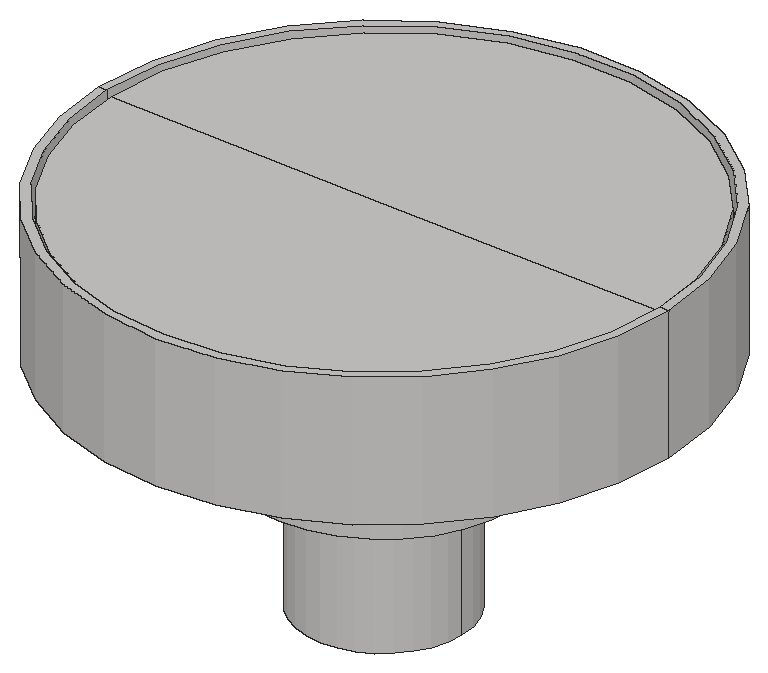
Revit family "Cleanout-Round_Industrial_Floor-Zurn-Z1840-8B", category Plumbing Fixtures, Revit 2022
Family settings
  Round Connector Dimension = Use Radius
  Part Type = Normal
  OmniClass Number = 23.45.55.21
  OmniClass Title = Drains (Wastes)
  Work Plane-Based = No
  Always vertical = Yes
  Cut with Voids When Loaded = No
  Maintain Annotation Orientation = No
  Shared = No
  Room Calculation Point = No
Parameters (values of type "Load Family Type Catalog")
  Vent Connection = 1 = 0  # no
  HW Connection = 1 = 0  # no
  Grate Thickness = 0.563"
  Drain Total Height = 5.500"
  Drain Radius = Drain Diameter / 2  # 4.3125"
  Drain Diameter = 8.625"
  CW Connection = 1 = 0  # no
  Waste Connection = 1 = 1  # yes
  WFU = 1  # constant formula
  URL = "www.zurn.com"
  Type Comments = "Z1840-8B_2 Inch Butt-Weld Outlet with Floor Cleanout"
  Product data url = "https://www.bimobject.com/en-us/zurnindustries/product/z1840-8b"
  Product Page URL = "https://www.zurn.com/products/drainage-interceptors/stainless-drains/stainless-cleanouts/z1840-8b"
  Product Documentation Link = "https://files.zurn.com/spec-sheets/z1840-8b.pdf"
  Pipe Size 'A' (Outer Diameter) = 2.375"
  Pipe Size 'A' (Nominal Radius) = [Pipe Size 'A' (Nominal Diameter)] / 2  # 1.000"
  Pipe Size 'A' (Nominal Diameter) = 2.000"
  Pipe Size 'A' (Inner Radius) = [Pipe Size 'A' (Inner Diameter)] / 2  # 1.0335"
  Pipe Size 'A' (Outer Radius) = [Pipe Size 'A' (Outer Diameter)] / 2  # 1.1875"
  Pipe Size 'A' (Inner Diameter) = 2.067"
  Modified Date = "01/30/26"  # constant formula
  Model = "Z1840-8B"
  Manufacurer Brand = "Zurn"  # constant formula
  Manufacturer = "Zurn Water, LLC"  # constant formula
  Main Material = Steel - Zurn- Stainless - Type - 304
  HWFU = 0  # constant formula
  Description = "8 INCH DIAMETER ROUND INDUSTRIAL FLOOR CLEANOUT"  # constant formula
  Default Elevation = 20.000"  # constant formula
  Date Created = "06/06/22"  # constant formula
  CWFU = 0  # constant formula
  Assembly Code = "D2030300"
Reference planes (in)
  plane 1 "Center (Front/Back)": y = 0
  plane 2: z = 0
  plane 3 "Center (Left/Right)": x = 0
  plane 4: x = 4.3125
  plane 5: x = -4.3125
  plane 6: z = -0.563
  plane 7 "END PLANE": z = -5.5
  plane 8: z = -2
  plane 9: z = -3.5
  plane 10: x = -2.375
  plane 11: x = 1.9875
  plane 12: x = 1.1875
  plane 13: x = 1.0335
  plane 14: x = 4.125
  plane 15: x = 4.1875
  plane 16: y = 1
  plane 17: y = -1
  plane 18: x = -1.1875
  plane 19: x = 1.1875
  plane 20: y = 1.1875
  plane 21: y = -1.1875
Forms (in)
  Revolve 1, solid, material "Steel - Zurn- Stainless - Type - 304" <- "Main Material", detail levels fine
    sketch origin (0, 0, 0) x (1, 0, 0) y (0, 0, 1)
      loop
        line (4.1875, -0.563) -> (4.125, -0.563) -> (4.125, -0.0625) -> (0, -0.0625) -> (0, -3.5) -> (1.0335, -3.5) -> (1.0335, -5.5) -> (1.1875, -5.5) -> (1.1875, -3.5) -> (1.9875, -3.5) -> (1.9875, -2) -> (4.3125, -2) -> (4.3125, 0) -> (4.1875, 0) -> (4.1875, -0.563)
      axis (0, -5.5) -> (0, 0)
    angle from 0 to 360
Lines and regions (in)
  Masking region 1, detail levels fine
    outline origin (0, 0, 0) x (1, 0, 0) y (0, 1, 0)
      loop
        circle (0, 0) r 4.3125
  model lines, detail levels coarse+medium
    curve 1: circle (0, 0, 0) r 4.3125 normal (0, 0, 1)
    curve 2: line (0, 0, 0) -> (0, 0, -5.5)
    curve 3: line (-1.1875, 0, -5.5) -> (1.1875, 0, -5.5)
    curve 4: line (0, 1.1875, -5.5) -> (0, -1.1875, -5.5)
Dimensions and locks (in)
  equal spacing: plane 4, plane 3 "Center (Left/Right)", plane 5, locked at 4.3125 each
  "Grate Thickness": plane 6 to level
  locked: plane 8 to level at 2
  locked: plane 9 to plane 8 at 1.5
  "Drain Total Height": plane 7 "END PLANE" to level
  "Pipe Size 'A' (Inner Radius)": plane 13 to plane 3 "Center (Left/Right)"
  "Pipe Size 'A' (Outer Radius)": plane 12 to plane 3 "Center (Left/Right)"
  locked: Revolve 1 sketch curve to level at 0.0625
  locked: plane 14 to plane 3 "Center (Left/Right)" at 4.125
  locked: plane 15 to plane 3 "Center (Left/Right)" at 4.1875
  "Pipe Size 'A' (Nominal Radius)": plane 17 to plane 1 "Center (Front/Back)" to plane 16
  "Drain Diameter": plane 4 to plane 5
  locked: plane 11 to plane 12 at 0.8
  equal spacing: plane 18, plane 3 "Center (Left/Right)", plane 19
  "Pipe Size 'A' (Outer Diameter)": plane 18 to plane 19
  equal spacing: plane 20, plane 1 "Center (Front/Back)", plane 21
  "Pipe Size 'A' (Outer Diameter)": plane 20 to plane 21
  "Drain Radius": radius of curve 1
  "Drain Radius": radius of Masking region 1 sketch curve
  aligned and locked: plane 2 to level
  aligned and locked: plane 4 to Revolve 1 sketch curve
  aligned and locked: Revolve 1 sketch curve to plane 8
  aligned and locked: Revolve 1 sketch curve to plane 9
  aligned and locked: Revolve 1 sketch curve to plane 7 "END PLANE"
  aligned and locked: plane 12 to Revolve 1 sketch curve
  aligned and locked: Revolve 1 sketch curve to plane 13
  aligned and locked: plane 6 to Revolve 1 sketch curve
  aligned and locked: Revolve 1 sketch curve to plane 15
  aligned and locked: Revolve 1 sketch curve to plane 14
  aligned and locked: plane 3 "Center (Left/Right)" to curve 1
  aligned and locked: plane 1 "Center (Front/Back)" to curve 1
  aligned and locked: plane 3 "Center (Left/Right)" to Masking region 1 sketch curve
  aligned and locked: plane 1 "Center (Front/Back)" to Masking region 1 sketch curve
  aligned and locked: level to curve 2
  aligned and locked: plane 3 "Center (Left/Right)" to curve 2
  aligned and locked: plane 7 "END PLANE" to curve 2
  aligned and locked: plane 18 to curve 3
  aligned and locked: plane 19 to curve 3
  aligned and locked: plane 20 to curve 4
  aligned and locked: plane 21 to curve 4
  aligned and locked: curve 4 to plane 3 "Center (Left/Right)"
  aligned and locked: level to Revolve 1
Automatic sketch dimensions
  Revolve 1 sketch curve to plane 3 "Center (Left/Right)" = 0.000"  (x2)
  Revolve 1 sketch curve to plane 11 = 0.000"
  Revolve 1 sketch curve to level = 0.000"
  Revolve 1 sketch curve to plane 9 = 0.000"
  Revolve 1 sketch curve to plane 7 "END PLANE" = 18.500"
  level to Revolve 1 sketch curve = 102.71882"
  curve 3 to plane 3 "Center (Left/Right)" = 1.1875"
  plane 13 to curve 3 = 0.154"
Connectors (in)
  piping at (0, 0, -5.5), diameter 2, driven by "Pipe Size 'A' (Nominal Radius)", driven by "Waste Connection", driven by "Waste Connection"
    settings: on Revolve 1, index 1, connector inside diameter 24", connector length 0.000", flow factor 0, pipe flow 0 GPM, pressure drop 0.00 psi, fitting loss kfactor 0, connector angle 0.00°, fixture units 0, engagement length 0.000", angle of deflection 0.00°, flow configuration 0, flow direction 2, fitting loss method 0, system type 16, joint type 0, gender type 0, connector reference index -1, connector utility 1, adjustable connector yes, is connector primary yes, connector description "Sanitary Outlet"
Types in the file's own list only (24): name | Grate Thickness | Drain Total Height | Drain Radius | Drain Diameter | Type Comments | Pipe Size 'A' (Outer Diameter) | Pipe Size 'A' (Nominal Radius) | Pipe Size 'A' (Nominal Diameter) | Pipe Size 'A' (Inner Radius) | Pipe Size 'A' (Outer Radius) | Pipe Size 'A' (Inner Diameter) | Model | Main Material | Default Elevation
  Z1840-8B-2BW | 0.563 " | 5.500 " | 4.313 " | 8.625 " | "Z1840-8B_2 Inch Butt-Weld Outlet with Floor Cleanout" | 2.375 " | 1.000 " | 2.000 " | 1.034 " | 1.188 " | 2.067 " | "Z1840-8B" | Steel - Zurn- Stainless - Type - 304 | 20.000 "
  Z1840-8B-3BW | 0.563 " | 5.500 " | 4.313 " | 8.625 " | "Z1840-8B_3 Inch Butt-Weld Outlet with Floor Cleanout" | 3.500 " | 1.500 " | 3.000 " | 1.534 " | 1.750 " | 3.068 " | "Z1840-8B" | Steel - Zurn- Stainless - Type - 304 | 20.000 "
  Z1840-8B-4BW | 0.563 " | 5.500 " | 4.313 " | 8.625 " | "Z1840-8B_4 Inch Butt-Weld Outlet with Floor Cleanout" | 4.500 " | 2.000 " | 4.000 " | 2.013 " | 2.250 " | 4.026 " | "Z1840-8B" | Steel - Zurn- Stainless - Type - 304 | 20.000 "
  Z1840-8B-6BW | 0.563 " | 5.500 " | 4.313 " | 8.625 " | "Z1840-8B_6 Inch Butt-Weld Outlet with Floor Cleanout" | 6.625 " | 3.000 " | 6.000 " | 3.033 " | 3.313 " | 6.065 " | "Z1840-8B" | Steel - Zurn- Stainless - Type - 304 | 20.000 "
  Z1840-8B-2NH | 0.563 " | 5.500 " | 4.313 " | 8.625 " | "Z1840-8B_2 Inch No-Hub Outlet with Floor Cleanout" | 2.375 " | 1.000 " | 2.000 " | 1.034 " | 1.188 " | 2.067 " | "Z1840-8B" | Steel - Zurn- Stainless - Type - 304 | 20.000 "
  Z1840-8B-3NH | 0.563 " | 5.500 " | 4.313 " | 8.625 " | "Z1840-8B_3 Inch No-Hub Outlet with Floor Cleanout" | 3.500 " | 1.500 " | 3.000 " | 1.534 " | 1.750 " | 3.068 " | "Z1840-8B" | Steel - Zurn- Stainless - Type - 304 | 20.000 "
  Z1840-8B-4NH | 0.563 " | 5.500 " | 4.313 " | 8.625 " | "Z1840-8B_4 Inch No-Hub Outlet with Floor Cleanout" | 4.500 " | 2.000 " | 4.000 " | 2.013 " | 2.250 " | 4.026 " | "Z1840-8B" | Steel - Zurn- Stainless - Type - 304 | 20.000 "
  Z1840-8B-6NH | 0.563 " | 5.500 " | 4.313 " | 8.625 " | "Z1840-8B_6 Inch No-Hub Outlet with Floor Cleanout" | 6.625 " | 3.000 " | 6.000 " | 3.033 " | 3.313 " | 6.065 " | "Z1840-8B" | Steel - Zurn- Stainless - Type - 304 | 20.000 "
  Z1840-8B-2A | 0.563 " | 5.500 " | 4.313 " | 8.625 " | "Z1840-8B_2 Inch Adjustable Threading Coupling Outlet with Floor Cleanout" | 2.375 " | 1.000 " | 2.000 " | 1.034 " | 1.188 " | 2.067 " | "Z1840-8B" | Steel - Zurn- Stainless - Type - 304 | 20.000 "
  Z1840-8B-3A | 0.563 " | 5.500 " | 4.313 " | 8.625 " | "Z1840-8B_3 Inch Adjustable Threading Coupling Outlet with Floor Cleanout" | 3.500 " | 1.500 " | 3.000 " | 1.534 " | 1.750 " | 3.068 " | "Z1840-8B" | Steel - Zurn- Stainless - Type - 304 | 20.000 "
  Z1840-8B-4A | 0.563 " | 5.500 " | 4.313 " | 8.625 " | "Z1840-8B_4 Inch Adjustable Threading Coupling Outlet with Floor Cleanout" | 4.500 " | 2.000 " | 4.000 " | 2.013 " | 2.250 " | 4.026 " | "Z1840-8B" | Steel - Zurn- Stainless - Type - 304 | 20.000 "
  Z1840-8B-6A | 0.563 " | 5.500 " | 4.313 " | 8.625 " | "Z1840-8B_6 Inch Adjustable Threading Coupling Outlet with Floor Cleanout" | 6.625 " | 3.000 " | 6.000 " | 3.033 " | 3.313 " | 6.065 " | "Z1840-8B" | Steel - Zurn- Stainless - Type - 304 | 20.000 "
  ZM1840-8B-2BW | 0.563 " | 5.500 " | 4.313 " | 8.625 " | "ZM1840-8B_2 Inch Butt-Weld Outlet with Floor Cleanout" | 2.375 " | 1.000 " | 2.000 " | 1.034 " | 1.188 " | 2.067 " | "ZM1840-8B" | Steel - Zurn- Stainless - Type - 316 | 20.000 "
  ZM1840-8B-3BW | 0.563 " | 5.500 " | 4.313 " | 8.625 " | "ZM1840-8B_3 Inch Butt-Weld Outlet with Floor Cleanout" | 3.500 " | 1.500 " | 3.000 " | 1.534 " | 1.750 " | 3.068 " | "ZM1840-8B" | Steel - Zurn- Stainless - Type - 316 | 20.000 "
  ZM1840-8B-4BW | 0.563 " | 5.500 " | 4.313 " | 8.625 " | "ZM1840-8B_4 Inch Butt-Weld Outlet with Floor Cleanout" | 4.500 " | 2.000 " | 4.000 " | 2.013 " | 2.250 " | 4.026 " | "ZM1840-8B" | Steel - Zurn- Stainless - Type - 316 | 20.000 "
  ZM1840-8B-6BW | 0.563 " | 5.500 " | 4.313 " | 8.625 " | "ZM1840-8B_6 Inch Butt-Weld Outlet with Floor Cleanout" | 6.625 " | 3.000 " | 6.000 " | 3.033 " | 3.313 " | 6.065 " | "ZM1840-8B" | Steel - Zurn- Stainless - Type - 316 | 20.000 "
  ZM1840-8B-2NH | 0.563 " | 5.500 " | 4.313 " | 8.625 " | "ZM1840-8B_2 Inch No-Hub Outlet with Floor Cleanout" | 2.375 " | 1.000 " | 2.000 " | 1.034 " | 1.188 " | 2.067 " | "ZM1840-8B" | Steel - Zurn- Stainless - Type - 316 | 20.000 "
  ZM1840-8B-3NH | 0.563 " | 5.500 " | 4.313 " | 8.625 " | "ZM1840-8B_3 Inch No-Hub Outlet with Floor Cleanout" | 3.500 " | 1.500 " | 3.000 " | 1.534 " | 1.750 " | 3.068 " | "ZM1840-8B" | Steel - Zurn- Stainless - Type - 316 | 20.000 "
  ZM1840-8B-4NH | 0.563 " | 5.500 " | 4.313 " | 8.625 " | "ZM1840-8B_4 Inch No-Hub Outlet with Floor Cleanout" | 4.500 " | 2.000 " | 4.000 " | 2.013 " | 2.250 " | 4.026 " | "ZM1840-8B" | Steel - Zurn- Stainless - Type - 316 | 20.000 "
  ZM1840-8B-6NH | 0.563 " | 5.500 " | 4.313 " | 8.625 " | "ZM1840-8B_6 Inch No-Hub Outlet with Floor Cleanout" | 6.625 " | 3.000 " | 6.000 " | 3.033 " | 3.313 " | 6.065 " | "ZM1840-8B" | Steel - Zurn- Stainless - Type - 316 | 20.000 "
  ZM1840-8B-2A | 0.563 " | 5.500 " | 4.313 " | 8.625 " | "ZM1840-8B_2 Inch Adjustable Threading Coupling Outlet with Floor Cleanout" | 2.375 " | 1.000 " | 2.000 " | 1.034 " | 1.188 " | 2.067 " | "ZM1840-8B" | Steel - Zurn- Stainless - Type - 316 | 20.000 "
  ZM1840-8B-3A | 0.563 " | 5.500 " | 4.313 " | 8.625 " | "ZM1840-8B_3 Inch Adjustable Threading Coupling Outlet with Floor Cleanout" | 3.500 " | 1.500 " | 3.000 " | 1.534 " | 1.750 " | 3.068 " | "ZM1840-8B" | Steel - Zurn- Stainless - Type - 316 | 20.000 "
  ZM1840-8B-4A | 0.563 " | 5.500 " | 4.313 " | 8.625 " | "ZM1840-8B_4 Inch Adjustable Threading Coupling Outlet with Floor Cleanout" | 4.500 " | 2.000 " | 4.000 " | 2.013 " | 2.250 " | 4.026 " | "ZM1840-8B" | Steel - Zurn- Stainless - Type - 316 | 20.000 "
  ZM1840-8B-6A | 0.563 " | 5.500 " | 4.313 " | 8.625 " | "ZM1840-8B_6 Inch Adjustable Threading Coupling Outlet with Floor Cleanout" | 6.625 " | 3.000 " | 6.000 " | 3.033 " | 3.313 " | 6.065 " | "ZM1840-8B" | Steel - Zurn- Stainless - Type - 316 | 20.000 "
